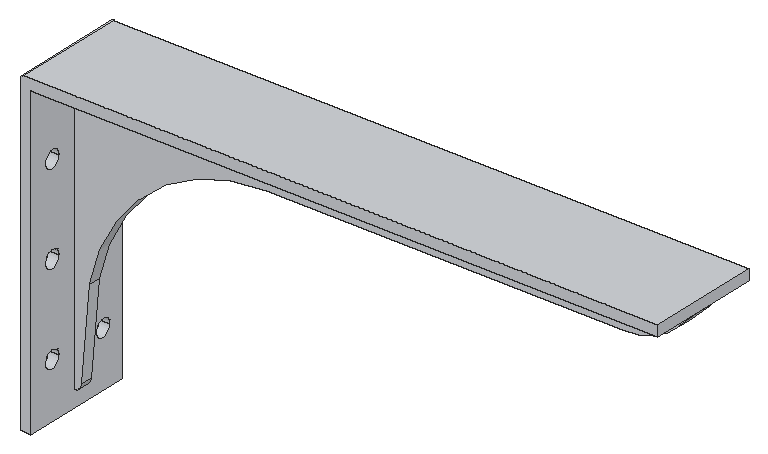
Revit family "IDP_Furniture_BRA903-BRACKET SHELVING", category Furniture, Revit 2026
Family settings
  Work Plane-Based = No
  Enable Cutting in Views = Yes
  Always vertical = Yes
  Cut with Voids When Loaded = No
  Render Appearance Source = Family Geometry
  Shared = Yes
  Room Calculation Point = Yes
Parameters (values of type "BRA903")
  Uniclass2015_Pr = "Pr_40_30_78 : Shelves, hangers and racks"
  SFG20 = ""
  NRM3 = ""
  NRM1 = ""
  Height = 0 mm
  Description = "BRACKET SHELVING"
  Default Elevation = 0 mm
  ADBUserData1 = "R1"
  ADBGroup = "1"
  ADBDescription = "BRACKET, wall mounted for shelving"
  ADBCode = "BRA903"
Reference planes
  plane 1 "Center (Front/Back)": y = 0
  plane 2: z = 0
  plane 3 "Center (Left/Right)": x = 0
Forms (mm)
  Extrusion 1, solid
    sketch origin (372.405, 0, 177.8) x (1, 0, 0) y (0, 0, 1)
      loop
        line (0, 0) -> (-353.6, 0)
        arc (-353.6, 0) -> (-355.014, -0.586) -> (-355.6, -2) r 2
        line (-355.6, -2) -> (-355.6, -177.8) -> (-349.6, -177.8) -> (-349.6, -6) -> (0, -6) -> (0, 0)
    from 0 to 63
  Extrusion 2, solid
    sketch origin (372.405, -27.5, 177.8) x (1, 0, 0) y (0, 0, 1)
      loop
        line (-349.6, -6) -> (-349.6, -167.846)
        arc (-349.6, -167.846) -> (-346.316, -166.846) -> (-344.721, -163.806) r 4.45
        line (-344.721, -163.806) -> (-340.199, -112.115)
        arc (-340.199, -112.115) -> (-305.683, -53.901) -> (-241.998, -31) r 100
        line (-241.998, -31) -> (-43.24, -31)
        arc (-43.24, -31) -> (-26.019, -27.575) -> (-11.42, -17.82) r 45
        line (-11.42, -17.82) -> (0.4, -6) -> (-349.6, -6)
    from 0 to 6
  Extrusion 3, void
    sketch origin (0, 0, 177.8) x (0, 1, 0) y (0, 0, 1)
      loop
        circle (-12.78, -46.716) r 5
      loop
        circle (-48.22, -46.716) r 5
      loop
        circle (-12.78, -96.716) r 5
      loop
        circle (-48.22, -96.716) r 5
      loop
        circle (-12.78, -146.716) r 5
      loop
        circle (-48.22, -146.716) r 5
    from 0 to 44.038
Cuts and joins
  Extrusion 3 cuts Extrusion 1
